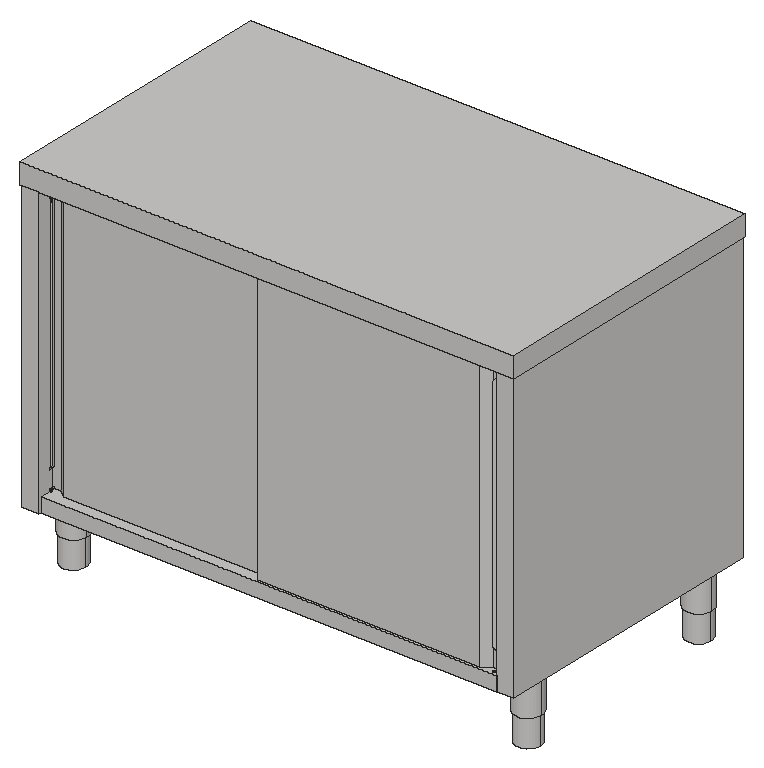
Revit family "QF_ELECTROLUXPROFESSIONAL_132868_MSP1207N", category Attrezzature speciali, Revit 2020
Family settings
  Quota connettore circolare = Usa diametro
  Tipo di parte = Normale
  Basato su piano di lavoro = No
  Sempre verticale = Sì
  Taglio con vuoti quando caricato = No
  Condiviso = No
  Punto di calcolo locali = No
Parameters (values of type "Standard")
  Weight = 55.00 kg
  Watts = 0 W
  Volts = 0 V
  URL Manufacturer = "https://www.electroluxprofessional.com/"
  URL = "https://www.electroluxprofessional.com/"
  Steam Supply Size = 0 mm
  Steam Supply Minimum Pressure = 0.0 Pa
  Steam Supply Maximum Pressure = 0.0 Pa
  Steam Consumption per Hour = 0
  Refrigeration Suction Line Size = 0.0 mm
  Refrigeration Liquid Line Size = 0.0 mm
  Refrigerant Compressor Remote = yes
  Prospetto di default = 0.0 mm
  Phase = 0
  Modello = "MSP1207N"
  Produttore = "Electrolux Professional"
  Length Actual = 1200.0 mm  # constant formula
  Item Number = "132868"
  Hot Water Size = 0 mm
  Height Actual = 900.0 mm  # constant formula
  HP = "0 HP"
  Gas Size = 0 mm
  Gas KW = 0
  Gas Input Pressure = 0 W
  Direct Waste Size = 0 mm
  Descrizione = "WORKTOP CUPBOARD PASSTHROUGH 1200MM"
  Depth Actual = 700.0 mm  # constant formula
  Cycle = 0 Hz
  Condensate Return Size = 0 mm
  Compressed Air Volume = 0.0 L/s
  Compressed Air Size = 0 mm
  Compressed Air Pressure = 0.0 Pa
  Cold Water Size = 0 mm
  Accessory = yes
Reference planes
  plane 1 "Center (Front/Back)": y = 0
  plane 2: z = 0
  plane 3 "Center (Left/Right)": x = -300
  plane 4 "LEFT": x = -900
  plane 5 "RIGHT": x = 300
  plane 6 "BACK": y = 350
  plane 7 "FRONT": y = -350
  plane 8 "TOP": z = 900
  plane 9: x = -852
  plane 10: x = 252
  plane 11: y = 270
  plane 12: y = -247
  plane 13 "FEET": z = 150
  plane 14: x = -854.5
  plane 15: y = -344.5
  plane 16: x = 254.5
  plane 17: x = -326.5
  plane 18: x = -273.5
  plane 19 "BaseTop": z = 850
  plane 20: x = -894.5
  plane 21: x = 294.5
  plane 22: y = 344.5
Forms (mm)
  Extrusion 1, solid, material "QF_Finishes_Stainless Steel"
    sketch origin (0, 0, 150) x (-1, 0, 0) y (0, -1, 0)
      loop
        line (894.5, -350) -> (894.5, 350) -> (854.5, 350) -> (854.5, -350) -> (894.5, -350)
      loop
        line (-254.5, -350) -> (-254.5, 344.5) -> (-294.5, 344.5) -> (-294.5, -350) -> (-254.5, -350)
    from 0 to 700
  Extrusion 2, solid, material "QF_Finishes_Stainless Steel"
    sketch origin (0, 0, 150) x (-1, 0, 0) y (0, -1, 0)
      loop
        line (854.5, -347) -> (854.5, 344.5) -> (-254.5, 344.5) -> (-254.5, -347) -> (854.5, -347)
    from 0 to 35
  Extrusion 3, solid, material "QF_Finishes_Stainless Steel"
    sketch origin (33, 0, 150) x (-1, 0, 0) y (0, -1, 0)
      loop
        line (306.5, 324.5) -> (306.5, 304.5) -> (885, 304.5) -> (885, 319.071) -> (877.942, 326.129) -> (876.312, 324.5) -> (883, 317.812) -> (883, 309.5) -> (866.034, 309.5) -> (846.034, 324.5) -> (306.5, 324.5)
    from 700 to 40
  Extrusion 4, void
    sketch origin (0, -350, 0) x (-1, 0, 0) y (0, 0, 1)
      loop
        line (842.418, 247.973) -> (842.418, 191.4) -> (854.5, 191.4) -> (854.5, 229.369) -> (842.418, 247.973)
      loop
        line (842.418, 816.627) -> (854.5, 835.231) -> (854.5, 850) -> (842.418, 850) -> (842.418, 816.627)
    from 20.5 to 40.5
  Extrusion 5, solid, material "QF_Finishes_Stainless Steel"
    sketch origin (0, 0, 150) x (-1, 0, 0) y (0, -1, 0)
      loop
        line (-254.5, -350) -> (854.5, -350) -> (854.5, -327) -> (-254.5, -327) -> (-254.5, -350)
    from 700 to 35
  Extrusion 6, solid, material "QF_Finishes_Stainless Steel"
    sketch origin (0, 0, 850) x (-1, 0, 0) y (0, -1, 0)
      loop
        line (900, 350) -> (-300, 350) -> (-300, -350) -> (900, -350) -> (900, 350)
    from 0 to 50
  Extrusion 7, solid, material "QF_Finishes_Stainless Steel"
    sketch origin (-633, 0, 150) x (1, 0, 0) y (0, 1, 0)
      loop
        line (306.5, -344.5) -> (846.034, -344.5) -> (866.034, -329.5) -> (883, -329.5) -> (883, -337.812) -> (876.312, -344.5) -> (877.942, -346.129) -> (885, -339.071) -> (885, -324.5) -> (306.5, -324.5) -> (306.5, -344.5)
    from 700 to 40
  Extrusion 8, void
    sketch origin (-600, -350, 0) x (1, 0, 0) y (0, 0, -1)
      loop
        line (842.418, -247.973) -> (854.5, -229.369) -> (854.5, -191.4) -> (842.418, -191.4) -> (842.418, -247.973)
      loop
        line (842.418, -816.627) -> (842.418, -850) -> (854.5, -850) -> (854.5, -835.231) -> (842.418, -816.627)
    from 2.538 to 20.5
Cuts and joins
  Extrusion 4, Extrusion 8 cuts Extrusion 3
  Extrusion 8 cuts Extrusion 1
  Extrusion 8 cuts Extrusion 7
Lines and regions (mm)
  symbolic lines, style "SpecialityEquipmentHiddenLines"
    curve 1: line (-851.5, -324.5, 1600) -> (-851.5, -329.5, 1600)
    curve 6: line (-326.5, -324.5, 200) -> (-326.5, -344.5, 200)
    curve 7: line (-852, -304.5, 850) -> (-273.5, -304.5, 850)
    curve 8: line (-273.5, -304.5, 850) -> (-273.5, -324.5, 850)
    curve 9: line (-273.5, -324.5, 850) -> (-813.034, -324.5, 850)
    curve 10: line (-813.034, -324.5, 850) -> (-833.034, -309.5, 850)
    curve 11: line (-833.034, -309.5, 850) -> (-852, -309.5, 850)
    curve 12: line (-852, -309.5, 850) -> (-852, -304.5, 850)
    curve 13: line (-326.5, -344.5, 850) -> (213.034, -344.5, 850)
    curve 14: line (213.034, -344.5, 850) -> (233.034, -329.5, 850)
    curve 15: line (233.034, -329.5, 850) -> (252, -329.5, 850)
    curve 16: line (252, -329.5, 850) -> (252, -324.5, 850)
    curve 17: line (252, -324.5, 850) -> (-273.5, -324.5, 850)
  symbolic lines, style "SpecialityEquipment"
    curve 2: line (-900, 350, 850) -> (300, 350, 850)
    curve 3: line (-900, -350, 850) -> (-900, 350, 850)
    curve 4: line (300, -350, 850) -> (-900, -350, 850)
    curve 5: line (300, 350, 850) -> (300, -350, 850)
Dimensions and locks
  plane 4 "LEFT" to plane 5 "RIGHT" = 1200.0 mm
  equal spacing: plane 4 "LEFT", plane 3 "Center (Left/Right)", plane 5 "RIGHT"
  plane 6 "BACK" to plane 7 "FRONT" = 700.0 mm
  equal spacing: plane 6 "BACK", plane 1 "Center (Front/Back)", plane 7 "FRONT"
  locked: plane 13 "FEET" to level at 150
  locked: plane 4 "LEFT" to plane 9 at 48
  locked: plane 10 to plane 5 "RIGHT" at 48
  locked: plane 6 "BACK" to plane 11 at 80
  locked: plane 12 to plane 7 "FRONT" at 103
  locked: plane 8 "TOP" to level at 900
  locked: plane 17 to plane 18 at 53
  equal spacing: plane 17, plane 3 "Center (Left/Right)", plane 18
  locked: plane 8 "TOP" to plane 19 "BaseTop" at 50
  plane 4 "LEFT" to plane 20 = 5.5 mm
  locked: plane 20 to plane 14 at 40
  locked: plane 16 to plane 21 at 40
  locked: plane 21 to plane 5 "RIGHT" at 5.5
  plane 15 to plane 7 "FRONT" = 5.5 mm  (x2)
  plane 6 "BACK" to plane 22 = 5.5 mm
  aligned and locked: level to plane 2
  aligned and locked: plane 9 to nested 1
  aligned and locked: plane 10 to nested 2
  aligned and locked: nested 4 to plane 11
  aligned and locked: plane 9 to nested 3
  aligned and locked: nested 3 to plane 11
  aligned and locked: plane 6 "BACK" to Extrusion 1 sketch curve
  aligned and locked: Extrusion 1 sketch curve to plane 6 "BACK"
  aligned and locked: Extrusion 1 sketch curve to plane 7 "FRONT"
  aligned and locked: plane 14 to Extrusion 1
  aligned and locked: Extrusion 2 to plane 14
  aligned and locked: Extrusion 2 to plane 15
  aligned and locked: nested 1 to plane 12
  aligned and locked: nested 2 to plane 12
  aligned and locked: Extrusion 2 sketch curve to plane 16
  aligned and locked: plane 18 to Extrusion 3
  aligned and locked: nested 4 to nested 2
  aligned and locked: plane 16 to Extrusion 5
  aligned and locked: Extrusion 5 to plane 14
  aligned and locked: plane 19 "BaseTop" to Extrusion 3
  aligned and locked: plane 19 "BaseTop" to Extrusion 5
  aligned and locked: plane 19 "BaseTop" to cut or joined group of Extrusion 1, Extrusion 8
  aligned and locked: plane 19 "BaseTop" to cut or joined group of Extrusion 7, Extrusion 8
Automatic sketch dimensions
  Extrusion 1 sketch curve to plane 15 = 0.0 mm
  Extrusion 1 sketch curve to plane 21 = 0.0 mm
  Extrusion 1 sketch curve to plane 16 = 0.0 mm
  Extrusion 1 sketch curve to plane 14 = 0.0 mm
  Extrusion 1 sketch curve to plane 20 = 0.0 mm
  Extrusion 2 sketch curve to plane 14 = 0.0 mm
  Extrusion 2 sketch curve to plane 15 = 0.0 mm
  plane 22 to Extrusion 2 sketch curve = 2.5 mm
  Extrusion 3 sketch curve to plane 18 = 0.0 mm
  plane 15 to Extrusion 3 sketch curve = 20.0 mm  (x2)
  Extrusion 3 sketch curve to plane 9 = 0.0 mm
  plane 9 to Extrusion 3 sketch curve = 38.966 mm
  plane 9 to Extrusion 3 sketch curve = 18.966 mm
  plane 9 to Extrusion 3 sketch curve = 8.688 mm
  plane 15 to Extrusion 3 sketch curve = 18.371 mm
  Extrusion 3 sketch curve to Extrusion 3 sketch curve = 1.629 mm
  plane 9 to Extrusion 3 sketch curve = 2.0 mm
  plane 15 to Extrusion 3 sketch curve = 35.0 mm
  Extrusion 3 sketch curve to Extrusion 3 sketch curve = 5.0 mm
  plane 9 to curve 1 = 0.5 mm
  plane 15 to curve 1 = 15.0 mm
  curve 1 to curve 1 = 5.0 mm
  curve 6 to plane 15 = 0.0 mm
  curve 6 to plane 17 = 0.0 mm
  plane 15 to curve 6 = 20.0 mm
  Extrusion 5 sketch curve to plane 6 "BACK" = 0.0 mm
  Extrusion 5 sketch curve to plane 16 = 0.0 mm
  Extrusion 5 sketch curve to plane 14 = 0.0 mm
  plane 22 to Extrusion 5 sketch curve = 17.5 mm
  Extrusion 6 sketch curve to plane 5 "RIGHT" = 0.0 mm
  Extrusion 6 sketch curve to plane 4 "LEFT" = 0.0 mm
  Extrusion 6 sketch curve to plane 6 "BACK" = 0.0 mm
  Extrusion 6 sketch curve to plane 7 "FRONT" = 0.0 mm
  Extrusion 7 sketch curve to plane 17 = 0.0 mm
  Extrusion 7 sketch curve to plane 15 = 0.0 mm  (x2)
  Extrusion 7 sketch curve to plane 10 = 0.0 mm
  plane 10 to Extrusion 7 sketch curve = 38.966 mm
  plane 10 to Extrusion 7 sketch curve = 18.966 mm
  plane 10 to Extrusion 7 sketch curve = 8.688 mm
  plane 15 to Extrusion 7 sketch curve = 1.629 mm
  Extrusion 7 sketch curve to Extrusion 7 sketch curve = 1.629 mm
  plane 10 to Extrusion 7 sketch curve = 2.0 mm
  Extrusion 7 sketch curve to plane 15 = 15.0 mm
  Extrusion 7 sketch curve to Extrusion 7 sketch curve = 5.0 mm
  Extrusion 4 sketch curve to plane 19 "BaseTop" = 0.0 mm
  Extrusion 4 sketch curve to plane 14 = 0.0 mm  (x2)
  plane 9 to Extrusion 4 sketch curve = 9.582 mm  (x2)
  Extrusion 4 sketch curve to plane 19 "BaseTop" = 14.769 mm
  plane 13 "FEET" to Extrusion 4 sketch curve = 97.973 mm
  Extrusion 4 sketch curve to Extrusion 4 sketch curve = 18.604 mm  (x2)
  Extrusion 4 sketch curve to Extrusion 4 sketch curve = 37.969 mm
  Extrusion 8 sketch curve to plane 19 "BaseTop" = 0.0 mm
  plane 16 to Extrusion 8 sketch curve = 0.0 mm
  plane 10 to Extrusion 8 sketch curve = 9.582 mm  (x2)
  Extrusion 8 sketch curve to Extrusion 8 sketch curve = 18.604 mm  (x2)
  Extrusion 8 sketch curve to Extrusion 8 sketch curve = 37.969 mm
  Extrusion 8 sketch curve to plane 16 = 0.0 mm
  plane 19 "BaseTop" to Extrusion 8 sketch curve = 14.769 mm
  Extrusion 8 sketch curve to plane 13 "FEET" = 97.973 mm
  curve 16 to plane 10 = 0.0 mm
  curve 13 to plane 15 = 0.0 mm
  curve 9 to plane 18 = 0.0 mm
  curve 13 to plane 17 = 0.0 mm
  curve 11 to plane 9 = 0.0 mm
  curve 4 to plane 4 "LEFT" = 0.0 mm
  curve 2 to plane 6 "BACK" = 0.0 mm
  curve 5 to plane 7 "FRONT" = 0.0 mm
  curve 15 to plane 10 = 18.966 mm
  curve 14 to curve 13 = 20.0 mm
  plane 9 to curve 9 = 38.966 mm
  curve 11 to curve 11 = 18.966 mm
  curve 7 to curve 11 = 5.0 mm
  curve 7 to curve 9 = 20.0 mm
  plane 15 to curve 16 = 15.0 mm
  curve 16 to curve 15 = 5.0 mm
  curve 2 to plane 5 "RIGHT" = 0.0 mm
Nested families
  nested 1: "FEET_D60-150" at (-852, -247, 0), type "FEET_D60-150"
  nested 2: "FEET_D60-150" at (252, -247, 0), type "FEET_D60-150"
  nested 3: "FEET_D60-150" at (-852, 270, 0), type "FEET_D60-150"
  nested 4: "FEET_D60-150" at (252, 270, 0), type "FEET_D60-150"
Definition of nested family "FEET_D60-150"
  Parameters
    Default Elevation = 0.0 mm
    FEET = 150.0 mm
  Reference planes
    plane 1 "Center (Front/Back)": y = 0
    plane 2: z = 0
    plane 3 "Center (Left/Right)": x = 0
    plane 4: z = 150
  Forms (mm)
    Extrusion 1, solid
      sketch origin (0, 0, 0) x (1, 0, 0) y (0, 1, 0)
        loop
          circle (0, 0) r 28
      from 0 to 67
    Revolve 2, solid
      sketch origin (0, 0, 0) x (1, 0, 0) y (0, 0, 1)
        loop
          line (0, 0) -> (0, 150) -> (-32.939, 150) -> (-32.939, 67) -> (-30, 67) -> (-30, 0) -> (0, 0)
        axis (0, 150) -> (0, 0)
      angle from 0 to 360
  Lines and regions (mm)
    symbolic lines
      curve 1: line (0, -1.503, 0) -> (0, 1.508, 0)
      curve 2: line (1.561, 0, 0) -> (-1.439, 0, 0)
  Dimensions and locks
    "FEET": plane 4 to plane 2
    aligned and locked: level to plane 2
  Automatic sketch dimensions
    plane 1 "Center (Front/Back)" to Extrusion 1 sketch curve = 0.0 mm
    Extrusion 1 sketch curve to plane 3 "Center (Left/Right)" = 0.0 mm
    plane 1 "Center (Front/Back)" to curve 2 = 0.0 mm
    curve 1 to plane 3 "Center (Left/Right)" = 0.0 mm
    curve 2 to plane 3 "Center (Left/Right)" = 1.439 mm
    plane 3 "Center (Left/Right)" to curve 2 = 1.561 mm
    plane 1 "Center (Front/Back)" to curve 1 = 1.503 mm
    curve 1 to plane 1 "Center (Front/Back)" = 1.508 mm
    Revolve 2 sketch curve to plane 4 = 0.0 mm
    Revolve 2 sketch curve to level = 0.0 mm
    Revolve 2 sketch curve to plane 3 "Center (Left/Right)" = 0.0 mm  (x2)
    Revolve 2 sketch curve to plane 3 "Center (Left/Right)" = 30.0 mm
    Revolve 2 sketch curve to plane 3 "Center (Left/Right)" = 32.939 mm
    level to Revolve 2 sketch curve = 67.0 mm
    Revolve 2 sketch curve to level = 42.207 mm
    Revolve 2 sketch curve to Revolve 2 sketch curve = 10.0 mm
    radius of Extrusion 1 sketch curve = 28.0 mm
